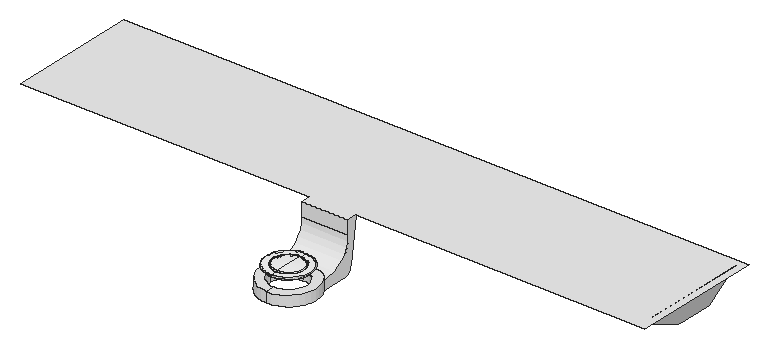
Revit family "Reece_Basin_LAUFEN_pro A_Wall Basin_850 mm", category Plumbing Fixtures, Revit 2018
Family settings
  Round Connector Dimension = Use Diameter
  Part Type = Normal
  Work Plane-Based = Yes
  Always vertical = Yes
  Cut with Voids When Loaded = Yes
  Shared = No
  Room Calculation Point = Yes
Parameters (values of type "3 Taphole_Vitreous China_White")
  URL = "https://www.reece.com.au/product/-9504196"
  Type Comments = "Basin"
  Reece_Product_Web Page = "https://www.reece.com.au/product/-9504196"
  Reece_Product_Type = "Basin"  # constant formula
  Reece_Product_Sub Brand = "pro A"  # constant formula
  Reece_Product_Number = "9504196"
  Reece_Product_Mount = "Wall Mounted"
  Reece_Product_Description = "LAUFEN Pro A Wall Basin with Fixings 3 Tapholes 850 x 480mm White"
  Reece_Product_Brand = "LAUFEN"  # constant formula
  Reece_Overall_Width = 850 mm  # constant formula
  Reece_Overall_Length = 480 mm  # constant formula
  Reece_Overall_Height = 170 mm  # constant formula
  Reece_Overall_Capacity = 7.70 L  # constant formula
  Reece_Material_Secondary = Reece_Brass_Chrome
  Reece_Material_Main = Reece_Vitreous China_White
  Reece_Height_From_Level [instance] = 900 mm
  Reece_Detail_Installation = "Wall Mounted"  # constant formula
  Reece_Detail_Disclaimer = "THIS FILE IS THE PROPERTY OF THE REECE GROUP. IT MAY NOT BE REPRODUCED, REVERSE-ENGINEERED OR MODIFIED. ANY REPUBLICATION, TRANSMISSION OR DISTRIBUTION FOR THE PURPOSE OF COMMERCIALLY EXPLOITING THE FILES IS PROHIBITED."  # constant formula
  Reece_Detail_Connector = "3 Taphole"
  Reece_Detail_Additional = "Overflow"  # constant formula
  Reece_Basin_Outlet = 40 mm  # constant formula
  Model = "pro A"
  Manufacturer = "LAUFEN"
  Keynote = "Product #9504196, Reece_Basin_LAUFEN_pro A_Wall Basin_850 mm - 3 Taphole_Vitreous China_White"
  Disclaimer = "THIS FILE IS THE PROPERTY OF THE REECE GROUP. IT MAY NOT BE REPRODUCED, REVERSE-ENGINEERED OR MODIFIED. ANY REPUBLICATION, TRANSMISSION OR DISTRIBUTION FOR THE PURPOSE OF COMMERCIALLY EXPLOITING THE FILES IS PROHIBITED."  # constant formula
  Description = "LAUFEN Pro A Wall Basin 3 Tapholes 850 x 480mm White"
  Default Elevation = 0 mm
  Basin_Type = Reece_Basin_LAUFEN_pro A_Wall Basin_850 mm_Nested : 3 Taphole
Types (2, lengths in mm): name | URL | Reece_Product_Web Page | Reece_Product_Number | Reece_Product_Description | Reece_Detail_Connector | Keynote | Description | Basin_Type
  1 Taphole_Vitreous China_White | "https://www.reece.com.au/product/-9504229" | "https://www.reece.com.au/product/-9504229" | "9504229" | "LAUFEN Pro A Wall Basin with Fixings 1 Taphole 850 x 480mm White" | "1 Taphole" | "Product #9504229, Reece_Basin_LAUFEN_pro A_Wall Basin_850 mm - 1 Taphole_Vitreous China_White" | "LAUFEN Pro A Wall Basin 850 x 480mm with Overflow 1 Taphole White" | Reece_Basin_LAUFEN_pro A_Wall Basin_850 mm_Nested : 1 Taphole
  3 Taphole_Vitreous China_White | "https://www.reece.com.au/product/-9504196" | "https://www.reece.com.au/product/-9504196" | "9504196" | "LAUFEN Pro A Wall Basin with Fixings 3 Tapholes 850 x 480mm White" | "3 Taphole" | "Product #9504196, Reece_Basin_LAUFEN_pro A_Wall Basin_850 mm - 3 Taphole_Vitreous China_White" | "LAUFEN Pro A Wall Basin 3 Tapholes 850 x 480mm White" | Reece_Basin_LAUFEN_pro A_Wall Basin_850 mm_Nested : 3 Taphole
Reference planes
  plane 1 "Center (Front/Back)": y = 0
  plane 2 "Bottom Host Plane": z = -5
  plane 3 "Center (Left/Right)": x = 0
  plane 4 "Height From Floor": z = 900
  plane 5 "Bottom of basin": z = 730
  plane 6: x = -425
  plane 7: x = 425
  plane 8: y = -480
  plane 9: x = -339.047
  plane 10: x = 339.047
Forms (mm)
  Extrusion 1, void
    sketch origin (0, 0, 730) x (-1, 0, 0) y (0, -1, 0)
      loop
        circle (0, 200) r 35
    from 0 to -150
  Extrusion 2, void
    sketch origin (0, 0, 730) x (-1, 0, 0) y (0, -1, 0)
      loop
        line (339.047, 0) -> (339.047, 371.349) -> (-339.047, 371.349) -> (-339.047, 0) -> (339.047, 0)
    from 0 to 55
Lines and regions (mm)
  model lines, style "InvisibleLines"
    curve 1: line (0, 0, -5) -> (0, 0, 900)
  symbolic lines, style "PlumbingFixtures"
    curve 2: arc (-87.115, 0, 740) -> (-125.394, 0, 744.767) -> (-161.114, 0, 759.33) r 146.97
    curve 3: line (-87.115, 0, 740) -> (87.115, 0, 740)
    curve 4: arc (87.115, 0, 740) -> (125.394, 0, 744.767) -> (161.114, 0, 759.33) r 146.97
Text (mm)
  text "Reece ©" at (2750.254, -2396.412, 2870.147), in view "Reece Preview"
  text "Reece Copyright © 2018, Reece Ltd." at (-715.926, -896.513, 0), in view "Ref. Level"
Dimensions and locks
  "Reece_Height_From_Level": plane 4 "Height From Floor" to level
  "Reece_Overall_Height": plane 4 "Height From Floor" to plane 5 "Bottom of basin"
  equal spacing: plane 6, plane 3 "Center (Left/Right)", plane 7
  "Reece_Overall_Width": plane 6 to plane 7
  "Reece_Overall_Length": plane 8 to plane 1 "Center (Front/Back)"
  nested 1 to plane 1 "Center (Front/Back)" = 0 mm
  "Reece_Overall_Length": plane 1 "Center (Front/Back)" to nested 1
Automatic sketch dimensions
  curve 1 to plane 1 "Center (Front/Back)" = 0 mm
  curve 1 to plane 2 "Bottom Host Plane" = 0 mm
  plane 4 "Height From Floor" to curve 1 = 0 mm
  Extrusion 1 sketch curve to plane 3 "Center (Left/Right)" = 0 mm
  plane 1 "Center (Front/Back)" to Extrusion 1 sketch curve = 200 mm
  plane 4 "Height From Floor" to curve 2 = 13.034 mm
  curve 2 to plane 3 "Center (Left/Right)" = 88.248 mm
  plane 5 "Bottom of basin" to curve 3 = 10 mm
  curve 3 to plane 3 "Center (Left/Right)" = 87.115 mm
  plane 3 "Center (Left/Right)" to curve 3 = 87.115 mm
  plane 4 "Height From Floor" to curve 4 = 13.034 mm
  plane 3 "Center (Left/Right)" to curve 4 = 88.248 mm
  plane 5 "Bottom of basin" to curve 2 = 29.33 mm
  plane 5 "Bottom of basin" to curve 4 = 29.33 mm
  Extrusion 2 sketch curve to plane 10 = 0 mm
  Extrusion 2 sketch curve to plane 9 = 0 mm
  plane 1 "Center (Front/Back)" to Extrusion 2 sketch curve = 0 mm
  plane 8 to Extrusion 2 sketch curve = 108.651 mm
  radius of Extrusion 1 sketch curve = 35 mm
Nested families
  nested 1: "Reece_Basin_LAUFEN_pro A_Wall Basin_850 mm_Nested" at (0, -222.5, 900), Reece_Material_Main <- "Reece_Material_Main", Reece_Material_Secondary <- "Reece_Material_Secondary", type <- "Basin_Type", type "3 Taphole"
    with Reece_Material_Secondary Reece_Brass_Chrome, Reece_Material_Main Reece_Vitreous China_White
Connectors
  piping at (0, -200, 730), diameter 40, driven by "Reece_Basin_Outlet"
    settings: on nested 1, index 1, connector inside diameter 609.6 mm, connector length 0 mm, flow factor 0, pipe flow 0.0 L/s, pressure drop 0.0 Pa, fitting loss kfactor 0, connector angle 0.00°, fixture units 0, engagement length 0 mm, angle of deflection 0.00°, flow configuration 0, flow direction 2, fitting loss method 0, system type 16, joint type 0, gender type 0, connector reference index -1, connector utility 0, adjustable connector no, is connector primary yes, connector description ""
Definition of nested family "Reece_Basin_LAUFEN_pro A_Wall Basin_850 mm_Nested"
  Parameters (values of type "1 Taphole")
    Waste Connection = no
    WFU = 0
    Vent Connection = no
    URL = ""
    Type Comments = ""
    Reece_Material_Secondary [instance] = none
    Reece_Material_Main [instance] = none
    Reece_Basin_Taphole 3 = no
    Reece_Basin_Taphole 1 = not(Reece_Basin_Taphole 3)  # yes
    Model = ""
    Manufacturer = ""
    Keynote = ""
    HWFU = 0
    HW Connection = no
    Description = ""
    Default Elevation = 0 mm
    Cost = 0
    CWFU = 0
    CW Connection = no
    Assembly Code = ""
  Types (2, lengths in mm): name | Reece_Basin_Taphole 3 | Reece_Basin_Taphole 1
    1 Taphole | no | yes
    3 Taphole | yes | no
  Reference planes
    plane 1 "Center (Front/Back)": y = -17.5
    plane 2 "Bottom Host Plane": z = 0
    plane 3 "Center (Left/Right)": x = 0
    plane 4: y = 222.5
    plane 5: y = -257.5
    plane 6: z = -170
    plane 7: x = -425
    plane 8: y = 22.5
    plane 9 "Tap base": z = -9
    plane 10: y = 82.5
    plane 11 "Top p": z = -50
    plane 12: y = 152.5
    plane 13 "Bottom": z = -115
    plane 14: x = 425
  Forms (mm)
    Revolve 1, solid, material <- "Reece_Material_Secondary"
      sketch origin (0, 96.625, -147.295) x (0, 1, 0) y (0, 0, 1)
        loop
          line (-95.522, -1.29) -> (-91.25, -1.29) -> (-87.154, -4.158) -> (-84.805, -4.158) -> (-84.805, -2.73) -> (-83.491, -2.73) -> (-83.491, -4.158) -> (-74.125, -4.158) -> (-74.125, -1.29) -> (-74.125, 3.035)
          arc (-74.125, 3.035) -> (-81.844, 2.815) -> (-89.539, 2.164) r 137.99
          arc (-89.539, 2.164) -> (-90.046, 1.902) -> (-90.25, 1.369) r 0.8
          line (-90.25, 1.369) -> (-90.25, 0.576) -> (-91.25, 0.576) -> (-91.25, 2.082) -> (-97.687, 2.082)
          arc (-97.687, 2.082) -> (-98.149, 1.773) -> (-98.041, 1.228) r 0.5
          line (-98.041, 1.228) -> (-95.522, -1.29)
        axis (-74.125, 3.035) -> (-74.125, -4.158)
      angle from 0 to 360
    Revolve 2, solid, material <- "Reece_Material_Main"
      sketch origin (0, 0, 0) x (0, 1, 0) y (0, 0, 1)
        loop
          line (42.5, -158.831) -> (42.5, -170) -> (52.433, -170) -> (52.433, -158.831) -> (42.5, -158.831)
        axis (22.5, -170) -> (22.5, -158.831)
      angle from 0 to 360
    Extrusion 3, solid, material <- "Reece_Material_Main"
      sketch origin (0, 0, 0) x (0, 1, 0) y (0, 0, 1)
        loop
          line (22.5, -170) -> (65.61, -170)
          arc (65.61, -170) -> (72.133, -167.579) -> (75.498, -161.489) r 10
          line (75.498, -161.489) -> (82.5, -115) -> (72.102, -115) -> (72.102, -130)
          arc (72.102, -130) -> (63.316, -151.213) -> (42.102, -160) r 30
          line (42.102, -160) -> (22.5, -160) -> (22.5, -170)
      from -25 to 25
    Revolve 4, void
      sketch origin (0, 0, 0) x (0, 1, 0) y (0, 0, 1)
        loop
          line (42.5, -150.411) -> (22.5, -150.411) -> (22.5, -170) -> (42.5, -170) -> (42.5, -150.411)
        axis (22.5, -170) -> (22.5, -150.411)
      angle from 0 to 360
    Extrusion 5, void
      sketch origin (0, -17.5, 0) x (1, 0, 0) y (0, 0, 1)
        loop
          line (367.5, -115) -> (339.047, -115)
          arc (339.047, -115) -> (329.047, -117.679) -> (321.726, -125) r 20
          line (321.726, -125) -> (295.746, -170) -> (367.5, -170) -> (367.5, -115)
        loop
          line (-255.746, -170) -> (255.746, -170)
          arc (255.746, -170) -> (0, -122.034) -> (-255.746, -170) r 705.781
        loop
          line (-367.5, -170) -> (-295.746, -170) -> (-321.726, -125)
          arc (-321.726, -125) -> (-329.047, -117.679) -> (-339.047, -115) r 20
          line (-339.047, -115) -> (-367.5, -115) -> (-367.5, -170)
      from -276.394 to 240
    Extrusion 6, solid, material <- "Reece_Material_Main"
      sketch origin (0, 0, 0) x (0, 1, 0) y (0, 0, 1)
        loop
          line (222.5, -170) -> (222.5, -115) -> (82.5, -115) -> (177.999, -167.524)
          arc (177.999, -167.524) -> (182.662, -169.371) -> (187.637, -170) r 20
          line (187.637, -170) -> (222.5, -170)
      from -367.5 to 367.5
  Cuts and joins
    Revolve 4 cuts Extrusion 3
    Extrusion 5 cuts Extrusion 6
    joined: Revolve 2, Extrusion 3, Extrusion 6
  Lines and regions (mm)
    model lines
      curve 1: circle (0, 152.5, -9) r 17.5 normal (0, 0, 1)
    symbolic lines
      curve 2: arc (-87.115, -17.5, -160) -> (-145.234, -17.5, -148.507) -> (-194.093, -17.5, -115) r 146.97
      curve 3: arc (87.115, -17.5, -160) -> (144.807, -17.5, -148.685) -> (193.449, -17.5, -115.664) r 146.97
      curve 4: line (25, -17.5, -160) -> (87.115, -17.5, -160)
      curve 5: line (-25, -17.5, -160) -> (-87.115, -17.5, -160)
    model lines, visible <- "Reece_Basin_Taphole 3"
      curve 6: circle (80, 152.5, -9) r 17.5 normal (0, 0, 1)
      curve 7: circle (-80, 152.5, -9) r 17.5 normal (0, 0, -1)
  Text (mm)
    text "Reece ©" at (2750.254, -2396.412, 2870.147), in view "Reece Preview"
    text "Reece Copyright © 2018, Reece Ltd." at (-526.759, -443.435, 0), in view "Ref. Level"
